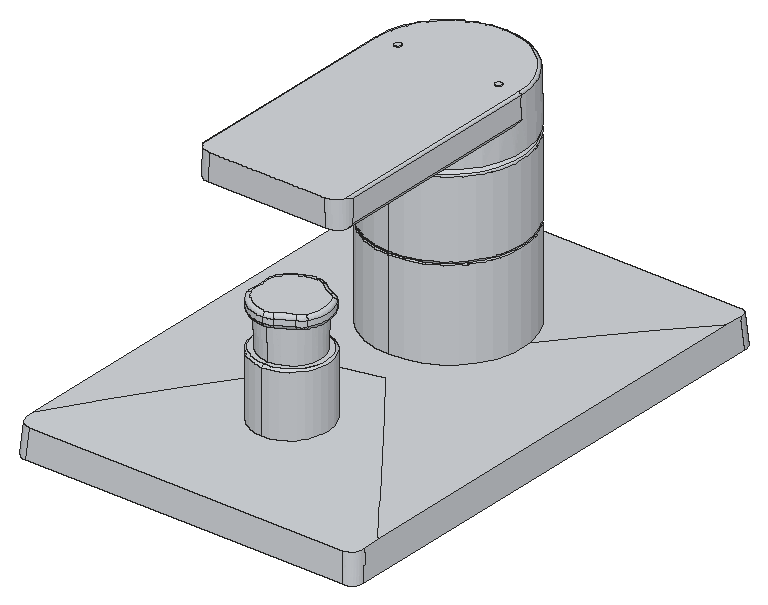
Revit family "Shower-Valve_Trim-KOHLER-Composed-K-T73100BR_1", category Specialty Equipment, host Face, Revit 2017
Family settings
  Host = Face
  Round Connector Dimension = Use Diameter
  Part Type = Normal
  OmniClass Number = 23.31.25.00
  OmniClass Title = Toilet and Bath Specialties
  Cut with Voids When Loaded = No
  Shared = No
  Room Calculation Point = No
Parameters (values of type "CP- Polished Chrome")
  Width = 4 115/256"  # constant formula
  WaterSense Certified = 1 = 0  # no
  URL = "https://br.kohler.com/"
  Type = 1
  Product Page URL = "https://br.kohler.com/product-detail/t73100br-4?skuid=K-T73100BR-4-CP"
  Product Name = "Composed"  # constant formula
  Product Documentation Link = ""
  Model = "K-T73100BR-4-CP"  # constant formula
  Material = "Premium Metal construction"  # constant formula
  Master Format 2014 Name = "Toilet, Bath, and Laundry Accessories"  # constant formula
  Master Format 2014 = "10 28 00"  # constant formula
  Manufacturer Address = "Rio de Janeiro MULTIREPAROS RUA BATISTA DA COSTA, Nº 352 | STORE B Rio de Janeiro SÃO GONÇALO 24450-470"  # constant formula
  Manufacturer = "KOHLER Co."  # constant formula
  Length = 3 119/256"  # constant formula
  Height = 6 137/256"  # constant formula
  Handle Clearance = 2 61/64"  # constant formula
  Finish = Kohler-Metal-CP-Polished_Chrome
  Environmental Product Declaration = ""
  Description = "Finish for single-lever mixer with bath / shower diverter"  # constant formula
  Default Elevation = 42"
  Declare Label = ""
  Date Modified = "05/31/2021"  # constant formula
  Date Created = "05/31/2021"  # constant formula
  Copyright = "Copyright KOHLER Co."  # constant formula
  Contact Us = "https://br.kohler.com/asr-listing"
  Assembly Code = "C1030200"
  ADA Compliant = 1 = 0  # no
Reference planes (in)
  plane 1 "Center (Front/Back)": y = 0
  plane 2: z = 0
  plane 3 "Center (Left/Right)": x = 0
  plane 4: x = 2.22441
  plane 5: y = 3.26772
  plane 6: y = -3.26744
  plane 7: x = -2.22481
  plane 8: y = 1.04331
  plane 9: y = -1.90982
  plane 10: y = -1.51575
  plane 11: z = 3.46484
  plane 12: y = 2.00787
Dimensions and locks (in)
  "Width": plane 7 to plane 4
  "Height": plane 6 to plane 5
  "Length": level to plane 11
  "Handle Clearance": plane 8 to plane 9
  aligned and locked: plane 2 to host face
  aligned and locked: level to host face
  aligned and locked: plane 3 "Center (Left/Right)" to nested 1
  aligned and locked: plane 1 "Center (Front/Back)" to nested 1
Automatic sketch dimensions
  host sketch curve to host sketch curve = 96"  (x2)
Nested families (in)
  nested 1: "K-T73100BR" at (0, 0, 0), type "K-T73100BR"
Definition of nested family "K-T73100BR"
  Parameters (values of type "K-T73100BR")
    Material = none
  Reference planes (in)
    plane 1 "Center (Front/Back)": y = 0
    plane 2: z = 0
    plane 3 "Center (Left/Right)": x = 0
    plane 4: y = 3.26772
    plane 5: x = 2.22441
    plane 6: x = -2.22441
    plane 7: y = -3.26772
    plane 8: y = 1.04331
    plane 9: z = 3.46457
    plane 10: y = -1.90945
    plane 11: y = -1.51575
    plane 12: y = 2.00787
  Forms (in)
    SweptBlend 1, solid, material <- "Material", detail levels medium+fine
      path origin (0, 0, 0) x (0, 1, 0) y (0, 0, 1)
        loop
          line (0, 0) -> (0, 0.59055)
      profile origin (0, 0, 0) x (0, -1, 0) y (1, 0, 0)
        loop
          arc (-3.26772, -2.06693) -> (-3.22159, -2.17828) -> (-3.11024, -2.22441) r 0.15748
          line (-3.11024, -2.22441) -> (3.11024, -2.22441)
          arc (3.11024, -2.22441) -> (3.22159, -2.17828) -> (3.26772, -2.06693) r 0.15748
          line (3.26772, -2.06693) -> (3.26772, 2.06693)
          arc (3.26772, 2.06693) -> (3.22159, 2.17828) -> (3.11024, 2.22441) r 0.15748
          line (3.11024, 2.22441) -> (-3.11024, 2.22441)
          arc (-3.11024, 2.22441) -> (-3.22159, 2.17828) -> (-3.26772, 2.06693) r 0.15748
          line (-3.26772, 2.06693) -> (-3.26772, -2.06693)
      end profile origin (0, 0, 0.59055) x (0, -1, 0) y (1, 0, 0)
        loop
          arc (-3.216, -2.03421) -> (-3.1706, -2.14381) -> (-3.06101, -2.1892) r 0.15499
          line (-3.06101, -2.1892) -> (3.06101, -2.1892)
          arc (3.06101, -2.1892) -> (3.1706, -2.14381) -> (3.216, -2.03421) r 0.15499
          line (3.216, -2.03421) -> (3.216, 2.03421)
          arc (3.216, 2.03421) -> (3.1706, 2.14381) -> (3.06101, 2.1892) r 0.15499
          line (3.06101, 2.1892) -> (-3.06101, 2.1892)
          arc (-3.06101, 2.1892) -> (-3.1706, 2.14381) -> (-3.216, 2.03421) r 0.15499
          line (-3.216, 2.03421) -> (-3.216, -2.03421)
    Extrusion 2, void
      sketch origin (0, 0, 0) x (1, 0, 0) y (0, 0, 1)
        loop
          line (2.22441, 0.39914) -> (2.22441, 0.61898) -> (-2.22441, 0.61898) -> (-2.22441, 0.39039)
          arc (-2.22441, 0.39039) -> (-0.0002, 0.49755) -> (2.22441, 0.39914) r 24.12135
      from -3.93701 to 3.93701
    Extrusion 3, void
      sketch origin (0, 0, 0) x (0, 1, 0) y (0, 0, 1)
        loop
          arc (-3.26772, 0.37124) -> (0.00003, 0.49777) -> (3.26772, 0.36955) r 41.97743
          line (3.26772, 0.36955) -> (3.26772, 0.56977) -> (-3.26772, 0.56977) -> (-3.26772, 0.37124)
      from -2.66999 to 3.2026
    Revolve 4, solid, material <- "Material", detail levels medium+fine
      sketch origin (0, 0, 0) x (0, 1, 0) y (0, 0, 1)
        loop
          line (1.04331, 3.46457) -> (1.04331, 0.36835) -> (2.00787, 0.36835) -> (2.00787, 1.65354)
          arc (2.00787, 1.65354) -> (2.00211, 1.66746) -> (1.98819, 1.67323) r 0.01969
          arc (1.98819, 1.67323) -> (2.00211, 1.67899) -> (2.00787, 1.69291) r 0.01969
          line (2.00787, 1.69291) -> (2.00787, 2.68503)
          arc (2.00787, 2.68503) -> (2.00231, 2.69953) -> (1.98849, 2.7066) r 0.02169
          line (1.98849, 2.7066) -> (1.92658, 2.77559) -> (2.00787, 2.77559) -> (1.99639, 3.43362)
          arc (1.99639, 3.43362) -> (1.98697, 3.45554) -> (1.9649, 3.46457) r 0.0315
          line (1.9649, 3.46457) -> (1.04331, 3.46457)
        axis (1.04331, 3.46457) -> (1.04331, 0.36835)
      angle from 0 to 360
    Extrusion 5, solid, material <- "Material", detail levels medium+fine
      sketch origin (0, 0, 0) x (1, 0, 0) y (0, 0, 1)
        loop
          line (0.92159, 3.46457) -> (-0.92159, 3.46457)
          arc (-0.92159, 3.46457) -> (-0.94367, 3.45554) -> (-0.95308, 3.43362) r 0.0315
          line (-0.95308, 3.43362) -> (-0.95809, 3.14661)
          arc (-0.95809, 3.14661) -> (-0.94906, 3.12399) -> (-0.9266, 3.11457) r 0.0315
          line (-0.9266, 3.11457) -> (0.9266, 3.11457)
          arc (0.9266, 3.11457) -> (0.94906, 3.12399) -> (0.95809, 3.14661) r 0.0315
          line (0.95809, 3.14661) -> (0.95308, 3.43362)
          arc (0.95308, 3.43362) -> (0.94367, 3.45554) -> (0.92159, 3.46457) r 0.0315
      from -1.04331 to 1.90945
    Sweep 6, void
      path in 3D
        loop
          line (0.96076, -1.90945, 2.99359) -> (0.95046, -1.90945, 3.58405)
      profile origin (0.95561, -1.90945, 3.28882) x (-0.999848, 0, -0.017452) y (0, -1, 0)
        loop
          line (0, 0) -> (0, -0.19685)
          arc (0, -0.19685) -> (0.05766, -0.05766) -> (0.19685, 0) r 0.19685
          line (0.19685, 0) -> (0, 0)
    Sweep 7, void
      path in 3D
        loop
          line (-0.96076, -1.90945, 2.99359) -> (-0.95046, -1.90945, 3.58405)
      profile origin (-0.95561, -1.90945, 3.28882) x (-0.999848, 0, 0.017452) y (0, -1, 0)
        loop
          line (0, 0) -> (-0.19685, 0)
          arc (-0.19685, 0) -> (-0.05766, -0.05766) -> (0, -0.19685) r 0.19685
          line (0, -0.19685) -> (0, 0)
    Extrusion 8, solid, material <- "Material", detail levels coarse
      sketch origin (0, 0, 0) x (1, 0, 0) y (0, 1, 0)
        loop
          line (-2.22441, -3.26772) -> (2.22441, -3.26772) -> (2.22441, 3.26772) -> (-2.22441, 3.26772) -> (-2.22441, -3.26772)
      from 0 to 0.52267
    Revolve 9, solid, material <- "Material", detail levels coarse
      sketch origin (0, 0, 0) x (0, 1, 0) y (0, 0, 1)
        loop
          line (1.04331, 3.46457) -> (1.04331, 0.44921) -> (2.00787, 0.44921) -> (2.00787, 3.46457) -> (1.04331, 3.46457)
        axis (1.04331, 3.46457) -> (1.04331, 0.44921)
      angle from 0 to 360
    Extrusion 10, solid, material <- "Material", detail levels coarse
      sketch origin (0, 0, 0) x (1, 0, 0) y (0, 1, 0)
        loop
          line (-0.95493, 0.90733) -> (-0.95493, -1.90945) -> (0.95493, -1.90945) -> (0.95493, 0.90733) -> (-0.95493, 0.90733)
      from 3.11457 to 3.46457
    Revolve 11, solid, material <- "Material", detail levels medium+fine
      sketch origin (0, 0, 0) x (0, 1, 0) y (0, 0, 1)
        loop
          line (-1.99803, 1.25376) -> (-1.99803, 0.2756) -> (-1.51575, 0.2756) -> (-1.51575, 1.73243) -> (-1.91129, 1.73243) -> (-1.90207, 1.27953) -> (-1.97226, 1.27953) -> (-1.99803, 1.25376)
        axis (-1.51575, 0.2756) -> (-1.51575, 1.73243)
      angle from 0 to 360
    Extrusion 12, solid, material <- "Material", detail levels medium+fine
      sketch origin (0, 0, 0) x (1, 0, 0) y (0, 1, 0)
        loop
          arc (0.33766, -1.71955) -> (0.39439, -1.51575) -> (0.33766, -1.31195) r 0.39439
          arc (0.33766, -1.31195) -> (0.31664, -1.28738) -> (0.2888, -1.27093) r 0.0986
          arc (0.2888, -1.27093) -> (0.17326, -1.21565) -> (0.06762, -1.14324) r 0.82883
          arc (0.06762, -1.14324) -> (0.03945, -1.12735) -> (0.00767, -1.12143) r 0.0986
          arc (0.00767, -1.12143) -> (-0.19733, -1.17427) -> (-0.34547, -1.3255) r 0.39439
          arc (-0.34547, -1.3255) -> (-0.35634, -1.3567) -> (-0.35628, -1.38974) r 0.0986
          arc (-0.35628, -1.38974) -> (-0.34555, -1.51575) -> (-0.35628, -1.64176) r 0.74488
          arc (-0.35628, -1.64176) -> (-0.35634, -1.6748) -> (-0.34547, -1.706) r 0.0986
          arc (-0.34547, -1.706) -> (-0.19733, -1.85723) -> (0.00767, -1.91007) r 0.39439
          arc (0.00767, -1.91007) -> (0.03945, -1.90415) -> (0.06762, -1.88826) r 0.0986
          arc (0.06762, -1.88826) -> (0.17326, -1.81584) -> (0.2888, -1.76056) r 0.82883
          arc (0.2888, -1.76056) -> (0.31664, -1.74412) -> (0.33766, -1.71955) r 0.0986
      from 1.73228 to 1.88583
    Sweep 13, solid, material <- "Material", detail levels medium+fine
      path in 3D
        loop
          arc (0.33766, -1.71955, 1.88583) -> (0.31664, -1.74412, 1.88583) -> (0.2888, -1.76056, 1.88583) r 0.0986
          arc (0.2888, -1.76056, 1.88583) -> (0.17326, -1.81584, 1.88583) -> (0.06762, -1.88826, 1.88583) r 0.82883
          arc (0.06762, -1.88826, 1.88583) -> (0.03945, -1.90415, 1.88583) -> (0.00767, -1.91007, 1.88583) r 0.0986
          arc (0.00767, -1.91007, 1.88583) -> (-0.19733, -1.85723, 1.88583) -> (-0.34547, -1.706, 1.88583) r 0.39439
          arc (-0.34547, -1.706, 1.88583) -> (-0.35634, -1.6748, 1.88583) -> (-0.35628, -1.64176, 1.88583) r 0.0986
          arc (-0.35628, -1.64176, 1.88583) -> (-0.34555, -1.51575, 1.88583) -> (-0.35628, -1.38974, 1.88583) r 0.74488
          arc (-0.35628, -1.38974, 1.88583) -> (-0.35634, -1.3567, 1.88583) -> (-0.34547, -1.3255, 1.88583) r 0.0986
          arc (-0.34547, -1.3255, 1.88583) -> (-0.19733, -1.17427, 1.88583) -> (0.00767, -1.12143, 1.88583) r 0.39439
          arc (0.00767, -1.12143, 1.88583) -> (0.03945, -1.12735, 1.88583) -> (0.06762, -1.14324, 1.88583) r 0.0986
          arc (0.06762, -1.14324, 1.88583) -> (0.17326, -1.21565, 1.88583) -> (0.2888, -1.27093, 1.88583) r 0.82883
          arc (0.2888, -1.27093, 1.88583) -> (0.31664, -1.28738, 1.88583) -> (0.33766, -1.31195, 1.88583) r 0.0986
          arc (0.33766, -1.31195, 1.88583) -> (0.39439, -1.51575, 1.88583) -> (0.33766, -1.71955, 1.88583) r 0.39439
      profile origin (0.39439, -1.51575, 1.88583) x (1, 0, 0) y (0, 0, 1)
        loop
          line (0, 0) -> (0, -0.15373) -> (0.04724, -0.15373)
          arc (0.04724, -0.15373) -> (0.06952, -0.1445) -> (0.07874, -0.12223) r 0.0315
          line (0.07874, -0.12223) -> (0.07874, -0.04724)
          arc (0.07874, -0.04724) -> (0.0649, -0.01384) -> (0.0315, 0) r 0.04724
          line (0.0315, 0) -> (0, 0)
    Revolve 14, solid, material <- "Material", detail levels coarse
      sketch origin (0, 0, 0) x (0, 1, 0) y (0, 0, 1)
        loop
          line (-1.51575, 0.52267) -> (-1.03459, 0.52267) -> (-1.03459, 1.27953) -> (-1.11875, 1.27953) -> (-1.11875, 1.73182) -> (-1.03459, 1.73182) -> (-1.03459, 1.88696) -> (-1.51575, 1.88696) -> (-1.51575, 0.52267)
        axis (-1.51575, 0.52267) -> (-1.51575, 1.88696)
      angle from 0 to 360
    Extrusion 15, solid, detail levels medium+fine
      sketch origin (0, 0, 0) x (1, 0, 0) y (0, 1, 0)
        loop
          circle (-0.65717, 1.04331) r 0.03937
      from 3.36711 to 3.46486
    Extrusion 16, solid, detail levels medium+fine
      sketch origin (0, 0, 0) x (-1, 0, 0) y (0, -1, 0)
        loop
          circle (-0.65717, -1.04331) r 0.03937
      from 3.36711 to 3.46486
  Cuts and joins
    joined: Extrusion 8, Revolve 9, Extrusion 10, Revolve 14
    Extrusion 2, Extrusion 3 cuts SweptBlend 1
    Sweep 6, Sweep 7 cuts Revolve 4
    Sweep 6, Sweep 7 cuts Extrusion 5
    joined: SweptBlend 1, Revolve 4, Extrusion 5, Revolve 11, Extrusion 12, Sweep 13
  Lines and regions (in)
    Masking region 1
      outline origin (0, 0, 0) x (1, 0, 0) y (0, 1, 0)
        loop
          arc (-2.06693, 3.26772) -> (-2.17828, 3.22159) -> (-2.22441, 3.11024) r 0.15748
          line (-2.22441, 3.11024) -> (-2.22441, -3.11024)
          arc (-2.22441, -3.11024) -> (-2.17828, -3.22159) -> (-2.06693, -3.26772) r 0.15748
          line (-2.06693, -3.26772) -> (2.06693, -3.26772)
          arc (2.06693, -3.26772) -> (2.17828, -3.22159) -> (2.22441, -3.11024) r 0.15748
          line (2.22441, -3.11024) -> (2.22441, 3.11024)
          arc (2.22441, 3.11024) -> (2.17828, 3.22159) -> (2.06693, 3.26772) r 0.15748
          line (2.06693, 3.26772) -> (-2.06693, 3.26772)
    Masking region 2
      outline origin (0, 0, 0) x (1, 0, 0) y (0, 0, 1)
        loop
          line (0, 3.46457) -> (-0.92159, 3.46457)
          arc (-0.92159, 3.46457) -> (-0.94367, 3.45554) -> (-0.95308, 3.43362) r 0.0315
          line (-0.95308, 3.43362) -> (-0.96457, 2.77559) -> (-0.88328, 2.77559) -> (-0.94518, 2.7066)
          arc (-0.94518, 2.7066) -> (-0.95901, 2.69953) -> (-0.96457, 2.68503) r 0.02169
          line (-0.96457, 2.68503) -> (-0.96457, 1.69291)
          arc (-0.96457, 1.69291) -> (-0.9588, 1.67899) -> (-0.94488, 1.67323) r 0.01969
          arc (-0.94488, 1.67323) -> (-0.9588, 1.66746) -> (-0.96457, 1.65354) r 0.01969
          line (-0.96457, 1.65354) -> (-0.96457, 0.47637)
          arc (-0.96457, 0.47637) -> (-1.56654, 0.44433) -> (-2.16742, 0.3958) r 21.97337
          arc (-2.16742, 0.3958) -> (-2.19203, 0.38395) -> (-2.20301, 0.35894) r 0.03937
          line (-2.20301, 0.35894) -> (-2.22441, 0) -> (2.22441, 0) -> (2.20301, 0.35894)
          arc (2.20301, 0.35894) -> (2.19203, 0.38395) -> (2.16742, 0.3958) r 0.03937
          arc (2.16742, 0.3958) -> (1.56654, 0.44433) -> (0.96457, 0.47637) r 21.97337
          line (0.96457, 0.47637) -> (0.96457, 1.65354)
          arc (0.96457, 1.65354) -> (0.9588, 1.66746) -> (0.94488, 1.67323) r 0.01969
          arc (0.94488, 1.67323) -> (0.9588, 1.67899) -> (0.96457, 1.69291) r 0.01969
          line (0.96457, 1.69291) -> (0.96457, 2.68503)
          arc (0.96457, 2.68503) -> (0.95901, 2.69953) -> (0.94518, 2.7066) r 0.02169
          line (0.94518, 2.7066) -> (0.88328, 2.77559) -> (0.96457, 2.77559) -> (0.95308, 3.43362)
          arc (0.95308, 3.43362) -> (0.94367, 3.45554) -> (0.92159, 3.46457) r 0.0315
          line (0.92159, 3.46457) -> (0, 3.46457)
    Masking region 3
      outline origin (0, 0, 0) x (0, 1, 0) y (0, 0, 1)
        loop
          line (3.26772, 0) -> (3.23804, 0.33883)
          arc (3.23804, 0.33883) -> (3.22651, 0.36339) -> (3.20183, 0.37465) r 0.03937
          arc (3.20183, 0.37465) -> (2.60512, 0.41618) -> (2.00787, 0.44921) r 41.97743
          line (2.00787, 0.44921) -> (2.00787, 1.65354)
          arc (2.00787, 1.65354) -> (2.00211, 1.66746) -> (1.98819, 1.67323) r 0.01969
          arc (1.98819, 1.67323) -> (2.00211, 1.67899) -> (2.00787, 1.69291) r 0.01969
          line (2.00787, 1.69291) -> (2.00787, 2.68503)
          arc (2.00787, 2.68503) -> (2.00231, 2.69953) -> (1.98849, 2.7066) r 0.02169
          line (1.98849, 2.7066) -> (1.92658, 2.77559) -> (2.00787, 2.77559) -> (1.99639, 3.43362)
          arc (1.99639, 3.43362) -> (1.98697, 3.45554) -> (1.9649, 3.46457) r 0.0315
          line (1.9649, 3.46457) -> (1.04331, 3.46457) -> (0.12172, 3.46457) -> (-1.87795, 3.46457)
          arc (-1.87795, 3.46457) -> (-1.90022, 3.45534) -> (-1.90945, 3.43307) r 0.0315
          line (-1.90945, 3.43307) -> (-1.90945, 3.14606)
          arc (-1.90945, 3.14606) -> (-1.90022, 3.12379) -> (-1.87795, 3.11457) r 0.0315
          line (-1.87795, 3.11457) -> (-0.0155, 3.11457)
          arc (-0.0155, 3.11457) -> (0.0547, 3.08513) -> (0.08291, 3.01442) r 0.09843
          line (0.08291, 3.01442) -> (0.07874, 2.77559) -> (0.16003, 2.77559) -> (0.09813, 2.7066)
          arc (0.09813, 2.7066) -> (0.0843, 2.69953) -> (0.07874, 2.68503) r 0.02169
          line (0.07874, 2.68503) -> (0.07874, 1.69291)
          arc (0.07874, 1.69291) -> (0.08451, 1.67899) -> (0.09843, 1.67323) r 0.01969
          arc (0.09843, 1.67323) -> (0.08451, 1.66746) -> (0.07874, 1.65354) r 0.01969
          line (0.07874, 1.65354) -> (0.07874, 0.49768)
          arc (0.07874, 0.49768) -> (-0.4774, 0.49518) -> (-1.03347, 0.48532) r 41.97743
          line (-1.03347, 0.48532) -> (-1.03347, 1.25376) -> (-1.05924, 1.27953) -> (-1.12942, 1.27953) -> (-1.12021, 1.7321) -> (-1.07411, 1.7321)
          arc (-1.07411, 1.7321) -> (-1.05184, 1.74132) -> (-1.04261, 1.76359) r 0.0315
          line (-1.04261, 1.76359) -> (-1.04261, 1.84646)
          arc (-1.04261, 1.84646) -> (-1.05415, 1.8743) -> (-1.08198, 1.88583) r 0.03937
          line (-1.08198, 1.88583) -> (-1.51575, 1.88583) -> (-1.94951, 1.88583)
          arc (-1.94951, 1.88583) -> (-1.97735, 1.8743) -> (-1.98888, 1.84646) r 0.03937
          line (-1.98888, 1.84646) -> (-1.98888, 1.76359)
          arc (-1.98888, 1.76359) -> (-1.97966, 1.74132) -> (-1.95739, 1.7321) r 0.0315
          line (-1.95739, 1.7321) -> (-1.91128, 1.7321) -> (-1.90207, 1.27953) -> (-1.97226, 1.27953) -> (-1.99803, 1.25376) -> (-1.99803, 0.45071)
          arc (-1.99803, 0.45071) -> (-2.60012, 0.41785) -> (-3.20167, 0.37633) r 41.97743
          arc (-3.20167, 0.37633) -> (-3.22636, 0.36507) -> (-3.23789, 0.34051) r 0.03937
          line (-3.23789, 0.34051) -> (-3.26772, 0) -> (3.26772, 0)
    sketch lines
      curve 1: line (0.96076, -1.90945, 2.99359) -> (0.95046, -1.90945, 3.58405)
      curve 2: line (-0.96076, -1.90945, 2.99359) -> (-0.95046, -1.90945, 3.58405)
      curve 37: arc (0.33766, -1.31195, 1.88583) -> (0.39439, -1.51575, 1.88583) -> (0.33766, -1.71955, 1.88583) r 0.39439
      curve 38: arc (0.2888, -1.27093, 1.88583) -> (0.31664, -1.28738, 1.88583) -> (0.33766, -1.31195, 1.88583) r 0.0986
      curve 39: arc (0.06762, -1.14324, 1.88583) -> (0.17326, -1.21565, 1.88583) -> (0.2888, -1.27093, 1.88583) r 0.82883
      curve 40: arc (0.00767, -1.12143, 1.88583) -> (0.03945, -1.12735, 1.88583) -> (0.06762, -1.14324, 1.88583) r 0.0986
      curve 41: arc (-0.34547, -1.3255, 1.88583) -> (-0.19733, -1.17427, 1.88583) -> (0.00767, -1.12143, 1.88583) r 0.39439
      curve 42: arc (-0.35628, -1.64176, 1.88583) -> (-0.34555, -1.51575, 1.88583) -> (-0.35628, -1.38974, 1.88583) r 0.74488
      curve 43: arc (-0.35628, -1.38974, 1.88583) -> (-0.35634, -1.3567, 1.88583) -> (-0.34547, -1.3255, 1.88583) r 0.0986
      curve 44: arc (-0.34547, -1.706, 1.88583) -> (-0.35634, -1.6748, 1.88583) -> (-0.35628, -1.64176, 1.88583) r 0.0986
      curve 45: arc (0.00767, -1.91007, 1.88583) -> (-0.19733, -1.85723, 1.88583) -> (-0.34547, -1.706, 1.88583) r 0.39439
      curve 46: arc (0.06762, -1.88826, 1.88583) -> (0.03945, -1.90415, 1.88583) -> (0.00767, -1.91007, 1.88583) r 0.0986
      curve 47: arc (0.2888, -1.76056, 1.88583) -> (0.17326, -1.81584, 1.88583) -> (0.06762, -1.88826, 1.88583) r 0.82883
      curve 48: arc (0.33766, -1.71955, 1.88583) -> (0.31664, -1.74412, 1.88583) -> (0.2888, -1.76056, 1.88583) r 0.0986
    symbolic lines, detail levels medium+fine
      curve 3: line (0, 1.99648, 3.43572) -> (0, -1.90945, 3.43572)
      curve 4: line (0, 1.04324, 3.1469) -> (0, -1.90945, 3.1469)
      curve 5: line (0, -1.71148, 3.46457) -> (0, -1.71148, 3.11457)
      curve 6: line (0, 1.92658, 2.77559) -> (0, 0.16003, 2.77559)
      curve 7: line (0, 1.98849, 2.7066) -> (0, 0.09813, 2.7066)
      curve 8: line (0, 2.00787, 2.67987) -> (0, 0.07874, 2.67987)
      curve 9: line (0, 1.98819, 1.67323) -> (0, 0.09843, 1.67323)
      curve 10: line (0, 2.00787, 1.69291) -> (0, 0.07874, 1.69291)
      curve 11: line (0, 2.00787, 1.65354) -> (0, 0.07874, 1.65354)
      curve 12: line (-2.05051, 3.23513, 0) -> (2.05053, 3.23513, 0)
      curve 13: line (-2.201, -3.09001, 0) -> (-2.201, 3.09149, 0)
      curve 14: spline (-2.201, 3.09149, 0) -> (-2.19843, 3.11026, 0) -> (-2.19357, 3.12858, 0) -> (-2.18652, 3.14618, 0) -> (-2.17738, 3.16279, 0) -> (-2.16627, 3.17816, 0) -> (-2.15337, 3.19207, 0) -> (-2.13887, 3.20432, 0) -> (-2.12298, 3.21471, 0) -> (-2.10594, 3.22309, 0) -> (-2.088, 3.22935, 0) -> (-2.06943, 3.23338, 0) -> (-2.05051, 3.23513, 0)
      curve 15: spline (2.05053, 3.23513, 0) -> (2.06899, 3.23345, 0) -> (2.08712, 3.2296, 0) -> (2.10466, 3.22363, 0) -> (2.12137, 3.21562, 0) -> (2.137, 3.20569, 0) -> (2.15134, 3.19398, 0) -> (2.16419, 3.18066, 0) -> (2.17535, 3.16591, 0) -> (2.18468, 3.14993, 0) -> (2.19205, 3.13297, 0) -> (2.19734, 3.11526, 0) -> (2.20048, 3.09704, 0)
      curve 16: line (2.20048, 3.09704, 0) -> (2.20048, -3.09601, 0)
      curve 17: line (2.0504, -3.23498, 0) -> (-2.05042, -3.23498, 0)
      curve 18: spline (-2.05042, -3.23498, 0) -> (-2.06945, -3.23322, 0) -> (-2.08812, -3.22915, 0) -> (-2.10615, -3.22282, 0) -> (-2.12327, -3.21435, 0) -> (-2.13922, -3.20384, 0) -> (-2.15376, -3.19147, 0) -> (-2.16667, -3.17742, 0) -> (-2.17776, -3.16189, 0) -> (-2.18686, -3.14513, 0) -> (-2.19383, -3.12738, 0) -> (-2.19857, -3.10891, 0) -> (-2.201, -3.09001, 0)
      curve 19: spline (2.20048, -3.09601, 0) -> (2.19743, -3.11432, 0) -> (2.1922, -3.13213, 0) -> (2.18488, -3.1492, 0) -> (2.17558, -3.16527, 0) -> (2.16441, -3.18012, 0) -> (2.15156, -3.19354, 0) -> (2.13719, -3.20533, 0) -> (2.12151, -3.21534, 0) -> (2.10474, -3.2234, 0) -> (2.08714, -3.22942, 0) -> (2.06894, -3.23329, 0) -> (2.0504, -3.23498, 0)
      curve 20: line (-0.96457, 1.04331, 0) -> (-0.96457, -1.7185, 0)
      curve 21: line (-0.93307, 1.04329, 0) -> (-0.93307, -1.70079, 0)
      curve 22: line (0, -1.90945, 0) -> (-0.77362, -1.90945, 0)
      curve 23: arc (-0.96457, -1.7185, 0) -> (-0.90864, -1.85352, 0) -> (-0.77362, -1.90945, 0) r 0.19095
      curve 24: line (0, -1.87795, 0) -> (-0.75591, -1.87795, 0)
      curve 25: line (0.96457, 1.04331, 0) -> (0.96457, -1.7185, 0)
      curve 26: arc (0.96457, -1.7185, 0) -> (0.90864, -1.85352, 0) -> (0.77362, -1.90945, 0) r 0.19095
      curve 27: line (0, -1.90945, 0) -> (0.77362, -1.90945, 0)
      curve 28: line (0.95308, 0, 3.43362) -> (-0.95308, 0, 3.43362)
      curve 29: line (0.88328, 0, 2.77559) -> (-0.88328, 0, 2.77559)
      curve 30: line (0.94518, 0, 2.7066) -> (-0.94518, 0, 2.7066)
      curve 31: line (0.96451, 0, 2.68658) -> (-0.96451, 0, 2.68658)
      curve 32: line (0.94488, 0, 1.67323) -> (-0.94488, 0, 1.67323)
      curve 33: line (-2.20302, 0, 0.35876) -> (2.20302, 0, 0.35876)
      curve 34: line (0.96457, 0, 1.69336) -> (-0.96457, 0, 1.69336)
      curve 35: line (0.96457, 0, 1.65309) -> (-0.96457, 0, 1.65309)
      curve 36: arc (-0.96457, 1.04331, 0) -> (0, 2.00787, 0) -> (0.96457, 1.04331, 0) r 0.96457
      curve 49: arc (-0.93307, -1.70079, 0) -> (-0.88118, -1.82606, 0) -> (-0.75591, -1.87795, 0) r 0.17717
      curve 50: line (0.93307, 1.04329, 0) -> (0.93307, -1.70079, 0)
      curve 51: line (0, -1.87795, 0) -> (0.75591, -1.87795, 0)
      curve 52: arc (0.93307, -1.70079, 0) -> (0.88118, -1.82606, 0) -> (0.75591, -1.87795, 0) r 0.17717
      curve 53: arc (-0.93307, 1.04329, 0) -> (0, 1.97636, 0) -> (0.93307, 1.04329, 0) r 0.93307
      curve 54: circle (-0.65717, 1.04331, 0) r 0.03937 normal (0, 0, 1)
      curve 55: circle (0.65717, 1.04331, 0) r 0.03937 normal (0, 0, -1)
      curve 56: arc (-0.27843, -1.90945, 0) -> (0, -1.99795, 0) -> (0.27843, -1.90945, 0) r 0.4822
      curve 57: arc (-0.26283, -1.90945, 0) -> (-0.12262, -1.97296, 0) -> (0.03055, -1.98813, 0) r 0.47337
      curve 58: arc (0.03055, -1.98813, 0) -> (0.07158, -1.97871, 0) -> (0.10752, -1.95678, 0) r 0.13121
      curve 59: arc (0.10752, -1.95678, 0) -> (0.13823, -1.9321, 0) -> (0.17046, -1.90945, 0) r 0.61243
      curve 60: arc (0.96457, 0, 0.47637) -> (0, 0, 0.44873) -> (-0.96457, 0, 0.47637) r 16.84737
      curve 61: line (-2.16742, 0, 0.3958) -> (2.16742, 0, 0.3958)
      curve 62: line (2.06693, 0, 0) -> (2.06693, 0, 0.3958)
      curve 63: line (-2.06693, 0, 0) -> (-2.06693, 0, 0.3958)
      curve 64: line (0, 0.08291, 3.01442) -> (0, 0.61339, 3.01442)
      curve 65: line (0, -0.0155, 3.11457) -> (0, 0.99028, 3.11457)
      curve 66: arc (0, 0.61339, 3.01442) -> (0, 0.83829, 3.04829) -> (0, 1.04324, 3.1469) r 0.76364
      curve 67: arc (0, 2.00787, 0.44921) -> (0, 1.04288, 0.45625) -> (0, 0.07874, 0.49768) r 27.07022
      curve 68: line (0, -1.10362, 1.7321) -> (0, -1.91128, 1.7321)
      curve 69: line (0, -1.12942, 1.27953) -> (0, -1.90207, 1.27953)
      curve 70: line (0, -1.03347, 1.25376) -> (0, -1.99803, 1.25376)
      curve 71: line (0, -1.04261, 1.84646) -> (0, -1.98888, 1.84646)
      curve 72: line (0, -1.04261, 1.76359) -> (0, -1.98888, 1.76359)
      curve 73: line (0, -1.41693, 1.88583) -> (0, -1.41693, 1.7321)
      curve 74: line (0, -1.50181, 1.88583) -> (0, -1.50181, 1.7321)
      curve 75: line (0, -1.10362, 1.88583) -> (0, -1.10362, 1.7321)
      curve 76: line (0, -1.93486, 1.88583) -> (0, -1.93486, 1.7321)
      curve 77: arc (0, -1.03341, 0.48532) -> (0, -1.51554, 0.46286) -> (0, -1.99803, 0.45071) r 22.56257
      curve 78: line (0, 3.20183, 0.37465) -> (0, -3.21041, 0.37465)
      curve 79: line (0, -3.23789, 0.34051) -> (0, 3.23789, 0.34051)
      curve 80: line (0, 3.11024, 0) -> (0, 3.11024, 0.37465)
      curve 81: line (0, -3.11024, 0) -> (0, -3.11024, 0.37465)
      curve 82: arc (0, 0.61339, 3.01442) -> (0, 0.61923, 3.08066) -> (0, 0.61339, 3.1469) r 0.37799
  Dimensions and locks (in)
    plane 6 to plane 5 = 4.44882"
    plane 4 to plane 7 = 6.53543"
    plane 10 to plane 8 = 2.95276"
    plane 9 to level = 3.46457"
    locked: plane 9 to level at 3.46457
    plane 8 to plane 11 = 2.55906"
    aligned and locked: plane 2 to level
